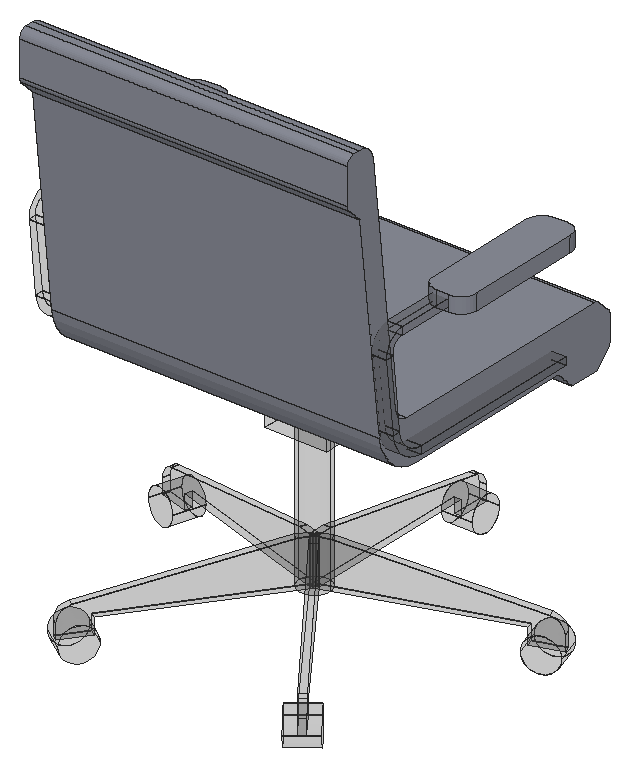
Revit family
Parameters (values of type "-")
  Type Comments = "7"
  Model = "-"
  기본 재료 = 플라스틱 - 검은색
  캐스터 재료 = 플라스틱 - 검은색
  좌석/뒷면 재료 = 직물 - 검은 회색이 도는 청색
  MAT'L = -
  Assembly Code = ""
Reference planes
  plane 1 "중심(앞/뒤)": y = 18.946
  plane 2: z = 0
  plane 3 "중심(왼쪽/오른쪽)": x = 140.991
  plane 4: x = 458.491
  plane 5: x = -176.509
  plane 6: y = -323.954
  plane 7: y = 361.846
  plane 8: z = 889
  plane 9: z = 457.2
  plane 10: y = -247.754
  plane 11: z = 863.6
  plane 12: y = 285.646
  plane 13: y = 260.246
  plane 14: z = 431.8
  plane 15: y = -222.354
  plane 16: z = 787.4
  plane 17: z = 355.6
  plane 18: x = 191.791
  plane 19: x = 90.191
  plane 20: x = 420.391
  plane 21: x = -138.409
  plane 22: z = 609.6
  plane 23: z = 609.6
Forms (mm)
  Extrusion 1, solid, material "직물 - 검은 회색이 도는 청색" <- "좌석/뒷면 재료"
    sketch origin (-176.509, 0, 0) x (0, -1, 0) y (0, 0, 1)
      loop
        arc (-255.01, 457.2) -> (-259.851, 456.241) -> (-263.96, 453.51) r 12.7
        line (-263.96, 453.51) -> (-281.896, 435.694)
        arc (-281.896, 435.694) -> (-284.671, 431.563) -> (-285.646, 426.684) r 12.7
        line (-285.646, 426.684) -> (-285.646, 391.641)
        arc (-285.646, 391.641) -> (-283.729, 381.96) -> (-278.266, 373.74) r 25.4
        line (-278.266, 373.74) -> (-260.247, 355.6) -> (-209.447, 355.6) -> (-181.074, 383.784) -> (107.109, 383.784)
        arc (107.109, 383.784) -> (157.745, 403.041) -> (182.787, 451.08) r 76.2
        line (182.787, 451.08) -> (222.354, 787.4) -> (244.034, 809.08)
        arc (244.034, 809.08) -> (246.787, 813.2) -> (247.754, 818.061) r 12.7
        line (247.754, 818.061) -> (247.754, 876.3)
        arc (247.754, 876.3) -> (244.034, 885.28) -> (235.054, 889) r 12.7
        line (235.054, 889) -> (222.179, 889)
        arc (222.179, 889) -> (205.3, 882.581) -> (196.953, 866.568) r 25.4
        line (196.953, 866.568) -> (151.431, 479.632)
        arc (151.431, 479.632) -> (143.084, 463.619) -> (126.205, 457.2) r 25.4
        line (126.205, 457.2) -> (-255.01, 457.2)
    from -50.8 to -584.2
  Extrusion 2, solid, material "플라스틱 - 검은색" <- "기본 재료"
    sketch origin (191.791, 0, 0) x (0, -1, 0) y (0, 0, 1)
      loop
        line (19.154, 383.784) -> (-69.746, 383.784) -> (-69.746, 371.084) -> (-18.946, 283.095) -> (19.154, 283.095) -> (19.154, 383.784)
    from 0 to 101.6
  Extrusion 3, solid, material "플라스틱 - 검은색" <- "기본 재료"
    sketch origin (140.991, 0, 0) x (0, 1, 0) y (0, 0, 1)
      loop
        line (18.946, 53.584) -> (311.046, 53.584) -> (311.046, 28.184) -> (361.846, 28.184) -> (361.846, 52.487)
        arc (361.846, 52.487) -> (355.903, 68.813) -> (340.857, 77.501) r 25.4
        line (340.857, 77.501) -> (44.346, 129.784) -> (18.946, 129.784) -> (18.946, 53.584)
    from 6.35 to -6.35
  Extrusion 4, solid, material "플라스틱 - 검은색" <- "캐스터 재료"
    sketch origin (140.991, 0, 0) x (0, 1, 0) y (0, 0, 1)
      loop
        circle (336.446, 28.184) r 28.2
    from 25.4 to -25.4
  Extrusion 5, solid, material "플라스틱 - 검은색" <- "기본 재료"
    sketch origin (159.009, 13.091, 0) x (-0.951057, 0.309017, 0) y (0, 0, 1)
      loop
        line (18.946, 53.584) -> (311.046, 53.584) -> (311.046, 28.184) -> (361.846, 28.184) -> (361.846, 52.487)
        arc (361.846, 52.487) -> (355.903, 68.813) -> (340.857, 77.501) r 25.4
        line (340.857, 77.501) -> (44.346, 129.784) -> (18.946, 129.784) -> (18.946, 53.584)
    from 6.35 to -6.35
  Extrusion 6, solid, material "플라스틱 - 검은색" <- "캐스터 재료"
    sketch origin (159.009, 13.091, 0) x (-0.951057, 0.309017, 0) y (0, 0, 1)
      loop
        circle (336.446, 28.184) r 28.2
    from 25.4 to -25.4
  Extrusion 7, solid, material "플라스틱 - 검은색" <- "기본 재료"
    sketch origin (152.127, 34.273, 0) x (-0.587785, -0.809017, 0) y (0, 0, 1)
      loop
        line (18.946, 53.584) -> (311.046, 53.584) -> (311.046, 28.184) -> (361.846, 28.184) -> (361.846, 52.487)
        arc (361.846, 52.487) -> (355.903, 68.813) -> (340.857, 77.501) r 25.4
        line (340.857, 77.501) -> (44.346, 129.784) -> (18.946, 129.784) -> (18.946, 53.584)
    from 6.35 to -6.35
  Extrusion 8, solid, material "플라스틱 - 검은색" <- "캐스터 재료"
    sketch origin (152.127, 34.273, 0) x (-0.587785, -0.809017, 0) y (0, 0, 1)
      loop
        circle (336.446, 28.184) r 28.2
    from 25.4 to -25.4
  Extrusion 9, solid, material "플라스틱 - 검은색" <- "기본 재료"
    sketch origin (129.855, 34.273, 0) x (0.587785, -0.809017, 0) y (0, 0, 1)
      loop
        line (18.946, 53.584) -> (311.046, 53.584) -> (311.046, 28.184) -> (361.846, 28.184) -> (361.846, 52.487)
        arc (361.846, 52.487) -> (355.903, 68.813) -> (340.857, 77.501) r 25.4
        line (340.857, 77.501) -> (44.346, 129.784) -> (18.946, 129.784) -> (18.946, 53.584)
    from 6.35 to -6.35
  Extrusion 10, solid, material "플라스틱 - 검은색" <- "캐스터 재료"
    sketch origin (129.855, 34.273, 0) x (0.587785, -0.809017, 0) y (0, 0, 1)
      loop
        circle (336.446, 28.184) r 28.2
    from 25.4 to -25.4
  Extrusion 11, solid, material "플라스틱 - 검은색" <- "기본 재료"
    sketch origin (122.972, 13.091, 0) x (0.951057, 0.309017, 0) y (0, 0, 1)
      loop
        line (18.946, 53.584) -> (311.046, 53.584) -> (311.046, 28.184) -> (361.846, 28.184) -> (361.846, 52.487)
        arc (361.846, 52.487) -> (355.903, 68.813) -> (340.857, 77.501) r 25.4
        line (340.857, 77.501) -> (44.346, 129.784) -> (18.946, 129.784) -> (18.946, 53.584)
    from 6.35 to -6.35
  Extrusion 12, solid, material "플라스틱 - 검은색" <- "캐스터 재료"
    sketch origin (122.972, 13.091, 0) x (0.951057, 0.309017, 0) y (0, 0, 1)
      loop
        circle (336.446, 28.184) r 28.2
    from 25.4 to -25.4
  Extrusion 13, solid, material "플라스틱 - 검은색" <- "기본 재료"
    sketch origin (0, 0, 0) x (1, 0, 0) y (0, 1, 0)
      loop
        circle (140.991, 18.946) r 25.4
    from 53.584 to 384.175
  Sweep 14, solid, material "플라스틱 - 검은색" <- "기본 재료"
    path origin (420.391, 0, 0) x (0, -1, 0) y (0, 0, 1)
      loop
        line (-167.032, 419.1) -> (128.329, 419.1)
        arc (128.329, 419.1) -> (162.087, 431.938) -> (178.781, 463.964) r 50.8
        line (178.781, 463.964) -> (192.578, 581.232)
        arc (192.578, 581.232) -> (186.332, 601.079) -> (167.352, 609.6) r 25.4
        line (167.352, 609.6) -> (-18.946, 609.6)
    profile origin (420.391, 19.351, 0) x (0, 0, 1) y (-1, 0, 0)
      loop
        line (425.45, 12.7) -> (412.75, 12.7) -> (412.75, -12.7) -> (425.45, -12.7) -> (425.45, 12.7)
  Sweep 15, solid, material "플라스틱 - 검은색" <- "기본 재료"
    path origin (-138.409, 0, 0) x (0, -1, 0) y (0, 0, 1)
      loop
        line (-167.032, 419.1) -> (126.239, 419.1)
        arc (126.239, 419.1) -> (159.996, 431.938) -> (176.691, 463.964) r 50.8
        line (176.691, 463.964) -> (190.487, 581.232)
        arc (190.487, 581.232) -> (184.242, 601.079) -> (165.261, 609.6) r 25.4
        line (165.261, 609.6) -> (-18.946, 609.6)
    profile origin (-138.409, 20.397, 0) x (0, 0, 1) y (-1, 0, 0)
      loop
        line (412.75, -12.7) -> (425.45, -12.7) -> (425.45, 12.7) -> (412.75, 12.7) -> (412.75, -12.7)
  Extrusion 16, solid, material "직물 - 검은 회색이 도는 청색" <- "좌석/뒷면 재료"
    sketch origin (407.691, 167.032, 425.45) x (0, -1, 0) y (1, 0, 0)
      loop
        line (241.235, 6.35) -> (241.235, 25.4)
        arc (241.235, 25.4) -> (233.795, 43.361) -> (215.835, 50.8) r 25.4
        line (215.835, 50.8) -> (25.4, 50.8)
        arc (25.4, 50.8) -> (7.439, 43.361) -> (0, 25.4) r 25.4
        line (0, 25.4) -> (0, 6.35)
        arc (0, 6.35) -> (7.439, -11.611) -> (25.4, -19.05) r 25.4
        line (25.4, -19.05) -> (215.835, -19.05)
        arc (215.835, -19.05) -> (233.795, -11.611) -> (241.235, 6.35) r 25.4
      loop
        line (240.19, -558.8) -> (240.19, -539.75)
        arc (240.19, -539.75) -> (232.75, -521.789) -> (214.79, -514.35) r 25.4
        line (214.79, -514.35) -> (25.4, -514.35)
        arc (25.4, -514.35) -> (7.439, -521.789) -> (0, -539.75) r 25.4
        line (0, -539.75) -> (0, -558.8)
        arc (0, -558.8) -> (7.439, -576.761) -> (25.4, -584.2) r 25.4
        line (25.4, -584.2) -> (214.79, -584.2)
        arc (214.79, -584.2) -> (232.75, -576.761) -> (240.19, -558.8) r 25.4
    from 171.45 to 196.85
Lines and regions (mm)
  symbolic lines
    curve 1: line (-100.309, -247.754, 0) -> (382.291, -247.754, 0)
    curve 2: line (-125.709, -222.354, 0) -> (-125.709, -177.005, 0)
    curve 3: line (-74.909, -126.205, 0) -> (356.891, -126.205, 0)
    curve 4: line (407.691, -222.354, 0) -> (407.691, -177.005, 0)
    curve 5: arc (-74.909, -126.205, 0) -> (-110.83, -141.084, 0) -> (-125.709, -177.005, 0) r 50.8
    curve 6: arc (356.891, -126.205, 0) -> (392.812, -141.084, 0) -> (407.691, -177.005, 0) r 50.8
    curve 7: arc (-125.709, -222.354, 0) -> (-118.27, -240.315, 0) -> (-100.309, -247.754, 0) r 25.4
    curve 8: arc (407.691, -222.354, 0) -> (400.251, -240.315, 0) -> (382.291, -247.754, 0) r 25.4
    curve 9: line (-132.059, 281.896, 0) -> (414.041, 281.896, 0)
    curve 10: line (-132.059, -76.084, 0) -> (-132.059, -218.634, 0)
    curve 11: line (-106.659, -244.034, 0) -> (388.641, -244.034, 0)
    curve 12: line (414.041, -77.12, 0) -> (414.041, -218.634, 0)
    curve 13: arc (-132.059, -218.634, 0) -> (-124.62, -236.595, 0) -> (-106.659, -244.034, 0) r 25.4
    curve 14: arc (414.041, -218.634, 0) -> (406.601, -236.595, 0) -> (388.641, -244.034, 0) r 25.4
    curve 15: line (-99.763, -43.787, 0) -> (-99.763, 135.918, 0)
    curve 16: line (-177.256, 142.042, 0) -> (-177.256, -49.214, 0)
    curve 17: line (-132.059, 168.214, 0) -> (-151.084, 168.214, 0)
    curve 18: arc (-151.084, 168.214, 0) -> (-169.591, 160.549, 0) -> (-177.256, 142.042, 0) r 26.172
    curve 19: arc (-99.763, 135.918, 0) -> (-109.222, 158.755, 0) -> (-132.059, 168.214, 0) r 32.296
    curve 20: arc (-177.256, -49.214, 0) -> (-169.386, -68.214, 0) -> (-150.387, -76.084, 0) r 26.869
    curve 21: arc (-132.059, -76.084, 0) -> (-109.222, -66.624, 0) -> (-99.763, -43.787, 0) r 32.296
    curve 22: line (-150.387, -76.084, 0) -> (-132.059, -76.084, 0)
    curve 23: line (381.757, 135.924, 0) -> (381.757, -44.836, 0)
    curve 24: arc (414.041, 168.208, 0) -> (391.213, 158.752, 0) -> (381.757, 135.924, 0) r 32.284
    curve 25: line (433.067, 168.208, 0) -> (414.041, 168.208, 0)
    curve 26: arc (433.067, 168.208, 0) -> (451.571, 160.544, 0) -> (459.235, 142.04, 0) r 26.168
    curve 27: line (459.235, -50.255, 0) -> (459.235, 142.04, 0)
    curve 28: arc (432.371, -77.12, 0) -> (451.367, -69.251, 0) -> (459.235, -50.255, 0) r 26.864
    curve 29: line (414.041, -77.12, 0) -> (432.371, -77.12, 0)
    curve 30: arc (414.041, -77.12, 0) -> (391.213, -67.664, 0) -> (381.757, -44.836, 0) r 32.284
    curve 31: line (-132.059, 281.896, 0) -> (-132.059, 168.214, 0)
    curve 32: line (414.041, 281.896, 0) -> (414.041, 168.208, 0)
Dimensions and locks
  equal spacing: plane 5, plane 3 "중심(왼쪽/오른쪽)", plane 4
  plane 5 to plane 4 = 635.00 mm
  equal spacing: plane 6, plane 1 "중심(앞/뒤)", plane 7
  plane 6 to plane 7 = 685.80 mm
